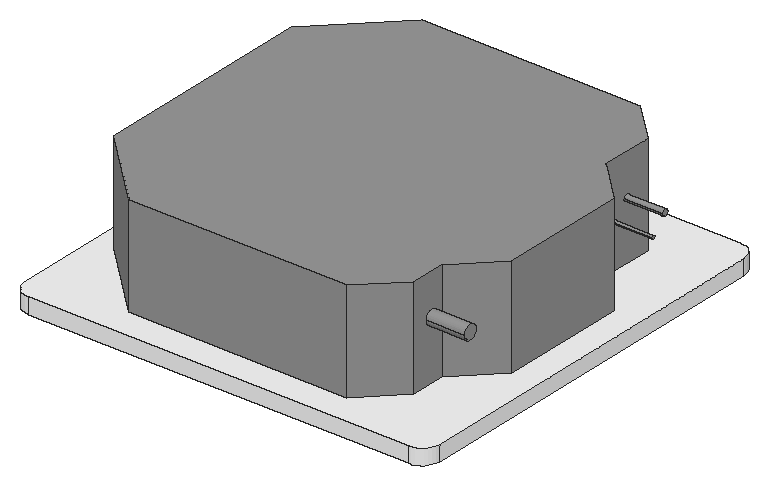
Revit family "Midea_VRF_Indoor_4-way Cassette_MI-28(36,45)Q4_DHN1-D (2nd DC)-360°", category Equipamento mecânico, Revit 2019
Family settings
  Cota do conector redondo = Utilizar diâmetro
  Tipo de parte = Normal
  Número OmniClass = 23.75.00.00
  Título OmniClass = Climate Control (HVAC)
  Com base no plano de trabalho = Não
  Sempre na vertical = Sim
  Corte com vazios quando carregada = Não
  Compartilhado = Não
  Ponto de cálculo do ambiente = Não
Parameters (values of type "4TVC0015EF000AA")
  clearance access right = 1000.000 mm
  clearance access left = 1000.000 mm
  clearance access front = 1000.000 mm
  clearance access behind = 1000.000 mm
  clearance [instance] = no
  Width = 840.000 mm
  URL = "https://www.trane.com/commercial/latin-america/br/pt.html"
  Series = "Ultra"
  Power supply = "220-240V ~50/60Hz"
  Panel color = "S1004"
  Modelo = "4TVC0015EF000AA"
  Minimum Circuit Amps = 0.56 A
  Maximum Fuse Amps = 15 A
  Fabricante = "Trane"
  Machine material = grilles：ABS/HIPS
  Liquid pipe = 6.350 mm
  Installation = "Indoor installation"
  Height = 230.000 mm
  Heating Power Input = 31 W
  Heating Capacity = 5.00 kW
  Gross Weight = 23.20 kg
  Gas pipe = 12.700 mm
  Gas = "R410a"
  Drain pipe = 32.000 mm
  Descrição = "High efficiency air cooled"
  Depth = 840.000 mm
  Cooling Power Input = 31 W
  Cooling Capacity = 4.50 kW
  Condensation = "air"
  Air Flow = "1029/957/899/857/801/756/704 m3/h"
Types (4, lengths in mm): name | Modelo | Minimum Circuit Amps | Heating Power Input | Heating Capacity | Gross Weight | Cooling Power Input | Cooling Capacity | Air Flow
  (no name) | "4TVC0015EF000AA" | 0.56 A | 31 W | 5.00 kW | 23.20 kg | 31 W | 4.50 kW | "1029/957/899/857/801/756/704 m3/h"
  4TVC0009EF000AA | "4TVC0009EF000AA" | 0.41 A | 25 W | 3.20 kW | 21.30 kg | 25 W | 2.80 kW | "982/935/877/832/788/732/677 m3/h"
  4TVC0012EF000AA | "4TVC0012EF000AA" | 0.41 A | 25 W | 4.00 kW | 21.30 kg | 25 W | 3.60 kW | "982/935/877/832/788/732/677 m3/h"
  4TVC0015EF000AA | "4TVC0015EF000AA" | 0.56 A | 31 W | 5.00 kW | 23.20 kg | 31 W | 4.50 kW | "1029/957/899/857/801/756/704 m3/h"
Reference planes
  plane 1 "中心(前/后)": y = 0
  plane 2: z = 0
  plane 3 "中心(左/右)": x = 0
  plane 4: z = -102.103
  plane 5 "floor": z = 2546.088
Forms (mm)
  Extrusion 1, solid, material "grilles：ABS/HIPS" <- "Machine material", detail levels medium+fine
    sketch origin (0, 0, 64.412) x (-1, 0, 0) y (0, 1, 0)
      loop
        line (-250, 420) -> (-335, 335) -> (-335, 215) -> (-425, 125) -> (-425, -165) -> (-335, -255) -> (-335, -335) -> (-250, -420) -> (250, -420) -> (415, -255) -> (415, 255) -> (250, 420) -> (-250, 420)
    from -211.588 to 18.412
  Extrusion 2, solid, material "grilles：ABS/HIPS" <- "Machine material", detail levels fine
    sketch origin (0, 519.376, 250) x (0, 1, 0) y (0, 0, 1)
      loop
        circle (-279.968, -103.155) r 3.175
    from 335 to 425
  Extrusion 3, solid, material "grilles：ABS/HIPS" <- "Machine material", detail levels fine
    sketch origin (335, -225, 64.412) x (0, -1, 0) y (0, 0, -1)
      loop
        circle (60, -117.897) r 16
    from 0 to 90
  Extrusion 4, solid, material "grilles：ABS/HIPS" <- "Machine material", detail levels fine
    sketch origin (335, 925, 64.412) x (0, -1, 0) y (0, 0, -1)
      loop
        circle (651.789, -117.897) r 6.35
    from 0 to 90
Lines and regions (mm)
  model lines
    curve 1: line (425, -165, 46) -> (425, 125, 46)
    curve 2: line (425, 125, 46) -> (335, 215, 46)
    curve 3: line (335, 215, 46) -> (335, 335, 46)
    curve 4: line (335, 335, 46) -> (250, 420, 46)
    curve 5: line (250, 420, 46) -> (-250, 420, 46)
    curve 6: line (-250, 420, 46) -> (-415, 255, 46)
    curve 7: line (-415, 255, 46) -> (-415, -255, 46)
    curve 8: line (-415, -255, 46) -> (-250, -420, 46)
    curve 9: line (-250, -420, 46) -> (250, -420, 46)
    curve 10: line (250, -420, 46) -> (335, -335, 46)
    curve 11: line (335, -335, 46) -> (335, -255, 46)
    curve 12: line (335, -255, 46) -> (425, -165, 46)
    curve 13: line (425, -165, 276) -> (425, -165, 46)
    curve 14: line (425, 125, 276) -> (425, 125, 46)
    curve 15: line (335, 215, 276) -> (335, 215, 46)
    curve 16: line (335, 335, 276) -> (335, 335, 46)
    curve 17: line (-250, 420, 276) -> (-250, 420, 46)
    curve 18: line (-415, 255, 276) -> (-415, 255, 46)
    curve 19: line (-415, -255, 276) -> (-415, -255, 46)
    curve 20: line (-250, -420, 276) -> (-250, -420, 46)
    curve 21: line (250, -420, 276) -> (250, -420, 46)
    curve 22: line (425, 125, 276) -> (425, -165, 276)
    curve 23: line (425, -165, 276) -> (335, -255, 276)
    curve 24: line (335, -255, 276) -> (335, -335, 276)
    curve 25: line (335, -335, 276) -> (250, -420, 276)
    curve 26: line (250, -420, 276) -> (-250, -420, 276)
    curve 27: line (-250, -420, 276) -> (-415, -255, 276)
    curve 28: line (-415, -255, 276) -> (-415, 255, 276)
    curve 29: line (-415, 255, 276) -> (-250, 420, 276)
    curve 30: line (-250, 420, 276) -> (250, 420, 276)
    curve 31: line (250, 420, 276) -> (335, 335, 276)
    curve 32: line (335, 335, 276) -> (335, 215, 276)
    curve 33: line (335, 215, 276) -> (425, 125, 276)
    curve 34: line (335, -335, 276) -> (335, -335, 46)
    curve 35: line (250, 420, 276) -> (250, 420, 46)
    curve 36: line (335, -255, 276) -> (335, -255, 46)
Dimensions and locks
  "Depth": Extrusion 1 to Extrusion 1
  "Width": Extrusion 1 to Extrusion 1
  "Height": Extrusion 1 to Extrusion 1
  "Liquid pipe": diameter of Extrusion 2
  "Gas pipe": diameter of Extrusion 4
  aligned and locked: level to plane 2
Automatic sketch dimensions
  plane 1 "中心(前/后)" to Extrusion 1 sketch curve = 165.000 mm
  plane 3 "中心(左/右)" to Extrusion 1 sketch curve = 425.000 mm
  Extrusion 1 sketch curve to plane 3 "中心(左/右)" = 250.000 mm  (x2)
  Extrusion 1 sketch curve to plane 1 "中心(前/后)" = 420.000 mm
  Extrusion 1 sketch curve to Extrusion 1 sketch curve = 90.000 mm  (x3)
  Extrusion 1 sketch curve to Extrusion 1 sketch curve = 85.000 mm  (x3)
  Extrusion 1 sketch curve to Extrusion 1 sketch curve = 165.000 mm  (x2)
  Extrusion 1 sketch curve to plane 1 "中心(前/后)" = 255.000 mm
  Extrusion 1 sketch curve to Extrusion 1 sketch curve = 120.000 mm
  Extrusion 1 sketch curve to plane 1 "中心(前/后)" = 125.000 mm
  plane 1 "中心(前/后)" to Extrusion 1 sketch curve = 255.000 mm
  Extrusion 1 sketch curve to Extrusion 1 sketch curve = 80.000 mm
  Extrusion 2 sketch curve to plane 1 "中心(前/后)" = 239.408 mm
  level to Extrusion 2 sketch curve = 146.845 mm
  Extrusion 1 to Extrusion 3 sketch curve = 93.691 mm
  Extrusion 1 to Extrusion 3 sketch curve = 500.000 mm
  Extrusion 4 sketch curve to Extrusion 1 = 58.211 mm
  Extrusion 1 to Extrusion 4 sketch curve = 93.691 mm
  curve 1 to Extrusion 1 = 0.000 mm  (x2)
  curve 3 to Extrusion 1 = 0.000 mm
  curve 11 to Extrusion 1 = 0.000 mm
  curve 10 to Extrusion 1 = 0.000 mm  (x3)
  Extrusion 1 to curve 5 = 0.000 mm
  curve 5 to Extrusion 1 = 0.000 mm
  curve 6 to Extrusion 1 = 0.000 mm  (x2)
  curve 8 to Extrusion 1 = 0.000 mm  (x2)
  Extrusion 1 to curve 3 = 0.000 mm
  curve 7 to Extrusion 1 = 0.000 mm
  curve 2 to Extrusion 1 = 0.000 mm
  Extrusion 1 to curve 1 = 0.000 mm
  curve 12 to Extrusion 1 = 0.000 mm
  curve 13 to Extrusion 1 = 0.000 mm  (x3)
  curve 14 to Extrusion 1 = 0.000 mm  (x2)
  Extrusion 1 to curve 14 = 0.000 mm
  curve 16 to Extrusion 1 = 0.000 mm  (x2)
  curve 15 to Extrusion 1 = 0.000 mm  (x3)
  Extrusion 1 to curve 16 = 0.000 mm
  curve 35 to Extrusion 1 = 0.000 mm  (x3)
  curve 17 to Extrusion 1 = 0.000 mm  (x3)
  curve 19 to Extrusion 1 = 0.000 mm  (x2)
  curve 18 to Extrusion 1 = 0.000 mm  (x3)
  Extrusion 1 to curve 19 = 0.000 mm
  curve 21 to Extrusion 1 = 0.000 mm  (x3)
  curve 20 to Extrusion 1 = 0.000 mm  (x2)
  Extrusion 1 to curve 20 = 0.000 mm
  curve 22 to Extrusion 1 = 0.000 mm  (x2)
  curve 24 to Extrusion 1 = 0.000 mm
  curve 32 to Extrusion 1 = 0.000 mm
  Extrusion 1 to curve 26 = 0.000 mm  (x2)
  curve 26 to Extrusion 1 = 0.000 mm
  curve 31 to Extrusion 1 = 0.000 mm  (x3)
  curve 29 to Extrusion 1 = 0.000 mm
  curve 27 to Extrusion 1 = 0.000 mm  (x2)
  curve 28 to Extrusion 1 = 0.000 mm
  curve 33 to Extrusion 1 = 0.000 mm
  Extrusion 1 to curve 22 = 0.000 mm
  curve 23 to Extrusion 1 = 0.000 mm
  Extrusion 1 to curve 24 = 0.000 mm
  curve 34 to Extrusion 1 = 0.000 mm  (x3)
  curve 36 to Extrusion 1 = 0.000 mm  (x2)
  Extrusion 1 to curve 36 = 0.000 mm
  radius of Extrusion 2 sketch curve = 3.175 mm
  radius of Extrusion 3 sketch curve = 16.000 mm
  radius of Extrusion 4 sketch curve = 6.350 mm
Nested families
  nested 1: "360lengbamianban-950" at (0, 0, 0), type "360lengbamianban-950", detail levels medium+fine
Connectors
  piping at (425, -285, 182.309), diameter 32
    settings: on Extrusion 3, index 5, connector inside diameter 32 mm, connector length 0.000 mm, flow factor 0, pipe flow 0.0 m³/h, pressure drop 0.0 Pa, fitting loss kfactor 0, connector angle 0.00°, fixture units 0, engagement length 0.000 mm, angle of deflection 0.00°, flow configuration 1, flow direction 2, fitting loss method 0, system type 29, joint type 0, gender type 0, connector reference index -1, connector utility 0, adjustable connector no, is connector primary yes, connector description "Drain pipe OD Φ 32mm"
  piping at (425, 273.211, 182.309), diameter 12.7
    settings: on Extrusion 4, index 6, connector inside diameter 12.7 mm, connector length 0.000 mm, flow factor 0, pipe flow 0.0 m³/h, pressure drop 0.0 Pa, fitting loss kfactor 0, connector angle 0.00°, fixture units 0, engagement length 0.000 mm, angle of deflection 0.00°, flow configuration 1, flow direction 0, fitting loss method 4, system type 22, joint type 0, gender type 0, connector reference index -1, connector utility 0, adjustable connector no, is connector primary no, connector description "Gas pipe Φ12.7mm"
  piping at (425, 239.408, 146.845), diameter 6.35
    settings: on Extrusion 2, index 7, connector inside diameter 6.35 mm, connector length 0.000 mm, flow factor 0, pipe flow 0.0 m³/h, pressure drop 0.0 Pa, fitting loss kfactor 0, connector angle 0.00°, fixture units 0, engagement length 0.000 mm, angle of deflection 0.00°, flow configuration 1, flow direction 0, fitting loss method 4, system type 22, joint type 0, gender type 0, connector reference index -1, connector utility 0, adjustable connector no, is connector primary no, connector description "Liquid pipe Φ6.35mm"
  electrical at (0, 420, 161)
    settings: on Extrusion 1, index 8, voltage 220 V, apparent load 0 VA, apparent load phase1 0 VA, apparent load phase2 0 VA, apparent load phase3 0 VA, power factor 1, load classification "Power", number of poles 1, system type 30, power factor state 1, is connector primary yes, connector utility no, sub classification motor no, connector description "The location of electrical connectors is not the same as the actual location because the wiring terminal is inside the unit."
Definition of nested family "360lengbamianban-950"
  Parameters
    Series = ""
    Machine material = none
    Installation = ""
    Gas = ""
    Condensation = ""
  Reference planes
    plane 1 "Center (Front/Back)": y = 0
    plane 2: z = 0
    plane 3 "Center (Left/Right)": x = 0
    plane 4: y = 475
    plane 5: y = -475
    plane 6: x = -475
    plane 7: x = 475
    plane 8: through (323.5, 323.5, 1219.2) normal (0.7071, -0.7071, 0)
    plane 9: through (-323.5, 323.5, 1219.2) normal (0.7071, 0.7071, 0)
    plane 10: y = 300
    plane 11: x = 300
    plane 12: x = -300
    plane 13: y = -300
    plane 14: z = -15
    plane 15: z = 35
    plane 16: y = -330
    plane 17: y = 330
    plane 18: x = 330
    plane 19: x = -330
  Forms (mm)
    Extrusion 1, solid, material <- "Machine material"
      sketch origin (0, 0, 0) x (1, 0, 0) y (0, 1, 0)
        loop
          arc (-435, 475) -> (-463.284, 463.284) -> (-475, 435) r 40
          line (-475, 435) -> (-475, -435)
          arc (-475, -435) -> (-463.284, -463.284) -> (-435, -475) r 40
          line (-435, -475) -> (435, -475)
          arc (435, -475) -> (463.284, -463.284) -> (475, -435) r 40
          line (475, -435) -> (475, 435)
          arc (475, 435) -> (463.284, 463.284) -> (435, 475) r 40
          line (435, 475) -> (-435, 475)
      from 0 to 35
    Extrusion 2, void
      sketch origin (0, 0, 0) x (1, 0, 0) y (0, 1, 0)
        loop
          arc (-130, 250) -> (-214.853, 214.853) -> (-250, 130) r 120
          line (-250, 130) -> (-250, -130)
          arc (-250, -130) -> (-214.853, -214.853) -> (-130, -250) r 120
          line (-130, -250) -> (130, -250)
          arc (130, -250) -> (214.853, -214.853) -> (250, -130) r 120
          line (250, -130) -> (250, 130)
          arc (250, 130) -> (214.853, 214.853) -> (130, 250) r 120
          line (130, 250) -> (-130, 250)
      from 0 to 35
    Extrusion 3, solid
      sketch origin (0, 0, 0) x (1, 0, 0) y (0, 1, 0)
        loop
          line (-256.77, -244.014) -> (-256.77, -247.014) -> (256.177, -247.014) -> (256.177, -244.014) -> (-256.77, -244.014)
        loop
          line (-256.77, -239.014) -> (-256.77, -242.014) -> (256.177, -242.014) -> (256.177, -239.014) -> (-256.77, -239.014)
        loop
          line (-256.77, -234.014) -> (-256.77, -237.014) -> (256.177, -237.014) -> (256.177, -234.014) -> (-256.77, -234.014)
        loop
          line (-256.77, -229.014) -> (-256.77, -232.014) -> (256.177, -232.014) -> (256.177, -229.014) -> (-256.77, -229.014)
        loop
          line (-256.77, -224.014) -> (-256.77, -227.014) -> (256.177, -227.014) -> (256.177, -224.014) -> (-256.77, -224.014)
        loop
          line (-256.77, -219.014) -> (-256.77, -222.014) -> (256.177, -222.014) -> (256.177, -219.014) -> (-256.77, -219.014)
        loop
          line (-256.77, -214.014) -> (-256.77, -217.014) -> (256.177, -217.014) -> (256.177, -214.014) -> (-256.77, -214.014)
        loop
          line (-256.77, -209.014) -> (-256.77, -212.014) -> (256.177, -212.014) -> (256.177, -209.014) -> (-256.77, -209.014)
        loop
          line (-256.77, -204.014) -> (-256.77, -207.014) -> (256.177, -207.014) -> (256.177, -204.014) -> (-256.77, -204.014)
        loop
          line (-256.77, -199.014) -> (-256.77, -202.014) -> (256.177, -202.014) -> (256.177, -199.014) -> (-256.77, -199.014)
        loop
          line (-256.77, -194.014) -> (-256.77, -197.014) -> (256.177, -197.014) -> (256.177, -194.014) -> (-256.77, -194.014)
        loop
          line (-256.77, -189.014) -> (-256.77, -192.014) -> (256.177, -192.014) -> (256.177, -189.014) -> (-256.77, -189.014)
        loop
          line (-256.77, -184.014) -> (-256.77, -187.014) -> (256.177, -187.014) -> (256.177, -184.014) -> (-256.77, -184.014)
        loop
          line (-256.77, -179.014) -> (-256.77, -182.014) -> (256.177, -182.014) -> (256.177, -179.014) -> (-256.77, -179.014)
        loop
          line (-256.77, -174.014) -> (-256.77, -177.014) -> (256.177, -177.014) -> (256.177, -174.014) -> (-256.77, -174.014)
        loop
          line (-256.77, -169.014) -> (-256.77, -172.014) -> (256.177, -172.014) -> (256.177, -169.014) -> (-256.77, -169.014)
        loop
          line (-256.77, -164.014) -> (-256.77, -167.014) -> (256.177, -167.014) -> (256.177, -164.014) -> (-256.77, -164.014)
        loop
          line (-256.77, -159.014) -> (-256.77, -162.014) -> (256.177, -162.014) -> (256.177, -159.014) -> (-256.77, -159.014)
        loop
          line (-256.77, -154.014) -> (-256.77, -157.014) -> (256.177, -157.014) -> (256.177, -154.014) -> (-256.77, -154.014)
        loop
          line (-256.77, -149.014) -> (-256.77, -152.014) -> (256.177, -152.014) -> (256.177, -149.014) -> (-256.77, -149.014)
        loop
          line (-256.77, -144.014) -> (-256.77, -147.014) -> (256.177, -147.014) -> (256.177, -144.014) -> (-256.77, -144.014)
        loop
          line (-256.77, -139.014) -> (-256.77, -142.014) -> (256.177, -142.014) -> (256.177, -139.014) -> (-256.77, -139.014)
        loop
          line (-256.77, -134.014) -> (-256.77, -137.014) -> (256.177, -137.014) -> (256.177, -134.014) -> (-256.77, -134.014)
        loop
          line (-256.77, -129.014) -> (-256.77, -132.014) -> (256.177, -132.014) -> (256.177, -129.014) -> (-256.77, -129.014)
        loop
          line (-256.77, -124.014) -> (-256.77, -127.014) -> (256.177, -127.014) -> (256.177, -124.014) -> (-256.77, -124.014)
        loop
          line (-256.77, -119.014) -> (-256.77, -122.014) -> (256.177, -122.014) -> (256.177, -119.014) -> (-256.77, -119.014)
        loop
          line (-256.77, -114.014) -> (-256.77, -117.014) -> (256.177, -117.014) -> (256.177, -114.014) -> (-256.77, -114.014)
        loop
          line (-256.77, -109.014) -> (-256.77, -112.014) -> (256.177, -112.014) -> (256.177, -109.014) -> (-256.77, -109.014)
        loop
          line (-256.77, -104.014) -> (-256.77, -107.014) -> (256.177, -107.014) -> (256.177, -104.014) -> (-256.77, -104.014)
        loop
          line (-256.77, -99.014) -> (-256.77, -102.014) -> (256.177, -102.014) -> (256.177, -99.014) -> (-256.77, -99.014)
        loop
          line (-256.77, -94.014) -> (-256.77, -97.014) -> (256.177, -97.014) -> (256.177, -94.014) -> (-256.77, -94.014)
        loop
          line (-256.77, -89.014) -> (-256.77, -92.014) -> (256.177, -92.014) -> (256.177, -89.014) -> (-256.77, -89.014)
        loop
          line (-256.77, -84.014) -> (-256.77, -87.014) -> (256.177, -87.014) -> (256.177, -84.014) -> (-256.77, -84.014)
        loop
          line (-256.77, -79.014) -> (-256.77, -82.014) -> (256.177, -82.014) -> (256.177, -79.014) -> (-256.77, -79.014)
        loop
          line (-256.77, -74.014) -> (-256.77, -77.014) -> (256.177, -77.014) -> (256.177, -74.014) -> (-256.77, -74.014)
        loop
          line (-256.77, -69.014) -> (-256.77, -72.014) -> (256.177, -72.014) -> (256.177, -69.014) -> (-256.77, -69.014)
        loop
          line (-256.77, -64.014) -> (-256.77, -67.014) -> (256.177, -67.014) -> (256.177, -64.014) -> (-256.77, -64.014)
        loop
          line (-256.77, -59.014) -> (-256.77, -62.014) -> (256.177, -62.014) -> (256.177, -59.014) -> (-256.77, -59.014)
        loop
          line (-256.77, -54.014) -> (-256.77, -57.014) -> (256.177, -57.014) -> (256.177, -54.014) -> (-256.77, -54.014)
        loop
          line (-256.77, -49.014) -> (-256.77, -52.014) -> (256.177, -52.014) -> (256.177, -49.014) -> (-256.77, -49.014)
        loop
          line (-256.77, -44.014) -> (-256.77, -47.014) -> (256.177, -47.014) -> (256.177, -44.014) -> (-256.77, -44.014)
        loop
          line (-256.77, -39.014) -> (-256.77, -42.014) -> (256.177, -42.014) -> (256.177, -39.014) -> (-256.77, -39.014)
        loop
          line (-256.77, -34.014) -> (-256.77, -37.014) -> (256.177, -37.014) -> (256.177, -34.014) -> (-256.77, -34.014)
        loop
          line (-256.77, -29.014) -> (-256.77, -32.014) -> (256.177, -32.014) -> (256.177, -29.014) -> (-256.77, -29.014)
        loop
          line (-256.77, -24.014) -> (-256.77, -27.014) -> (256.177, -27.014) -> (256.177, -24.014) -> (-256.77, -24.014)
        loop
          line (-256.77, -19.014) -> (-256.77, -22.014) -> (256.177, -22.014) -> (256.177, -19.014) -> (-256.77, -19.014)
        loop
          line (-256.77, -14.014) -> (-256.77, -17.014) -> (256.177, -17.014) -> (256.177, -14.014) -> (-256.77, -14.014)
        loop
          line (-256.77, -9.014) -> (-256.77, -12.014) -> (256.177, -12.014) -> (256.177, -9.014) -> (-256.77, -9.014)
        loop
          line (-256.77, -4.014) -> (-256.77, -7.014) -> (256.177, -7.014) -> (256.177, -4.014) -> (-256.77, -4.014)
        loop
          line (-256.77, 0.986) -> (-256.77, -2.014) -> (256.177, -2.014) -> (256.177, 0.986) -> (-256.77, 0.986)
        loop
          line (-256.77, 5.986) -> (-256.77, 2.986) -> (256.177, 2.986) -> (256.177, 5.986) -> (-256.77, 5.986)
        loop
          line (-256.77, 10.986) -> (-256.77, 7.986) -> (256.177, 7.986) -> (256.177, 10.986) -> (-256.77, 10.986)
        loop
          line (-256.77, 15.986) -> (-256.77, 12.986) -> (256.177, 12.986) -> (256.177, 15.986) -> (-256.77, 15.986)
        loop
          line (-256.77, 20.986) -> (-256.77, 17.986) -> (256.177, 17.986) -> (256.177, 20.986) -> (-256.77, 20.986)
        loop
          line (-256.77, 25.986) -> (-256.77, 22.986) -> (256.177, 22.986) -> (256.177, 25.986) -> (-256.77, 25.986)
        loop
          line (-256.77, 30.986) -> (-256.77, 27.986) -> (256.177, 27.986) -> (256.177, 30.986) -> (-256.77, 30.986)
        loop
          line (-256.77, 35.986) -> (-256.77, 32.986) -> (256.177, 32.986) -> (256.177, 35.986) -> (-256.77, 35.986)
        loop
          line (-256.77, 40.986) -> (-256.77, 37.986) -> (256.177, 37.986) -> (256.177, 40.986) -> (-256.77, 40.986)
        loop
          line (-256.77, 45.986) -> (-256.77, 42.986) -> (256.177, 42.986) -> (256.177, 45.986) -> (-256.77, 45.986)
        loop
          line (-256.77, 50.986) -> (-256.77, 47.986) -> (256.177, 47.986) -> (256.177, 50.986) -> (-256.77, 50.986)
        loop
          line (-256.77, 55.986) -> (-256.77, 52.986) -> (256.177, 52.986) -> (256.177, 55.986) -> (-256.77, 55.986)
        loop
          line (-256.77, 60.986) -> (-256.77, 57.986) -> (256.177, 57.986) -> (256.177, 60.986) -> (-256.77, 60.986)
        loop
          line (-256.77, 65.986) -> (-256.77, 62.986) -> (256.177, 62.986) -> (256.177, 65.986) -> (-256.77, 65.986)
        loop
          line (-256.77, 70.986) -> (-256.77, 67.986) -> (256.177, 67.986) -> (256.177, 70.986) -> (-256.77, 70.986)
        loop
          line (-256.77, 75.986) -> (-256.77, 72.986) -> (256.177, 72.986) -> (256.177, 75.986) -> (-256.77, 75.986)
        loop
          line (-256.77, 80.986) -> (-256.77, 77.986) -> (256.177, 77.986) -> (256.177, 80.986) -> (-256.77, 80.986)
        loop
          line (-256.77, 85.986) -> (-256.77, 82.986) -> (256.177, 82.986) -> (256.177, 85.986) -> (-256.77, 85.986)
        loop
          line (-256.77, 90.986) -> (-256.77, 87.986) -> (256.177, 87.986) -> (256.177, 90.986) -> (-256.77, 90.986)
        loop
          line (-256.77, 95.986) -> (-256.77, 92.986) -> (256.177, 92.986) -> (256.177, 95.986) -> (-256.77, 95.986)
        loop
          line (-256.77, 100.986) -> (-256.77, 97.986) -> (256.177, 97.986) -> (256.177, 100.986) -> (-256.77, 100.986)
        loop
          line (-256.77, 105.986) -> (-256.77, 102.986) -> (256.177, 102.986) -> (256.177, 105.986) -> (-256.77, 105.986)
        loop
          line (-256.77, 110.986) -> (-256.77, 107.986) -> (256.177, 107.986) -> (256.177, 110.986) -> (-256.77, 110.986)
        loop
          line (-256.77, 115.986) -> (-256.77, 112.986) -> (256.177, 112.986) -> (256.177, 115.986) -> (-256.77, 115.986)
        loop
          line (-256.77, 120.986) -> (-256.77, 117.986) -> (256.177, 117.986) -> (256.177, 120.986) -> (-256.77, 120.986)
        loop
          line (-256.77, 125.986) -> (-256.77, 122.986) -> (256.177, 122.986) -> (256.177, 125.986) -> (-256.77, 125.986)
        loop
          line (-256.77, 130.986) -> (-256.77, 127.986) -> (256.177, 127.986) -> (256.177, 130.986) -> (-256.77, 130.986)
        loop
          line (-256.77, 135.986) -> (-256.77, 132.986) -> (256.177, 132.986) -> (256.177, 135.986) -> (-256.77, 135.986)
        loop
          line (-256.77, 140.986) -> (-256.77, 137.986) -> (256.177, 137.986) -> (256.177, 140.986) -> (-256.77, 140.986)
        loop
          line (-256.77, 145.986) -> (-256.77, 142.986) -> (256.177, 142.986) -> (256.177, 145.986) -> (-256.77, 145.986)
        loop
          line (-256.77, 150.986) -> (-256.77, 147.986) -> (256.177, 147.986) -> (256.177, 150.986) -> (-256.77, 150.986)
        loop
          line (-256.77, 155.986) -> (-256.77, 152.986) -> (256.177, 152.986) -> (256.177, 155.986) -> (-256.77, 155.986)
        loop
          line (-256.77, 160.986) -> (-256.77, 157.986) -> (256.177, 157.986) -> (256.177, 160.986) -> (-256.77, 160.986)
        loop
          line (-256.77, 165.986) -> (-256.77, 162.986) -> (256.177, 162.986) -> (256.177, 165.986) -> (-256.77, 165.986)
        loop
          line (-256.77, 170.986) -> (-256.77, 167.986) -> (256.177, 167.986) -> (256.177, 170.986) -> (-256.77, 170.986)
        loop
          line (-256.77, 175.986) -> (-256.77, 172.986) -> (256.177, 172.986) -> (256.177, 175.986) -> (-256.77, 175.986)
        loop
          line (-256.77, 180.986) -> (-256.77, 177.986) -> (256.177, 177.986) -> (256.177, 180.986) -> (-256.77, 180.986)
        loop
          line (-256.77, 185.986) -> (-256.77, 182.986) -> (256.177, 182.986) -> (256.177, 185.986) -> (-256.77, 185.986)
        loop
          line (-256.77, 190.986) -> (-256.77, 187.986) -> (256.177, 187.986) -> (256.177, 190.986) -> (-256.77, 190.986)
        loop
          line (-256.77, 195.986) -> (-256.77, 192.986) -> (256.177, 192.986) -> (256.177, 195.986) -> (-256.77, 195.986)
        loop
          line (-256.77, 200.986) -> (-256.77, 197.986) -> (256.177, 197.986) -> (256.177, 200.986) -> (-256.77, 200.986)
        loop
          line (-256.77, 205.986) -> (-256.77, 202.986) -> (256.177, 202.986) -> (256.177, 205.986) -> (-256.77, 205.986)
        loop
          line (-256.77, 210.986) -> (-256.77, 207.986) -> (256.177, 207.986) -> (256.177, 210.986) -> (-256.77, 210.986)
        loop
          line (-256.77, 215.986) -> (-256.77, 212.986) -> (256.177, 212.986) -> (256.177, 215.986) -> (-256.77, 215.986)
        loop
          line (-256.77, 220.986) -> (-256.77, 217.986) -> (256.177, 217.986) -> (256.177, 220.986) -> (-256.77, 220.986)
        loop
          line (-256.77, 225.986) -> (-256.77, 222.986) -> (256.177, 222.986) -> (256.177, 225.986) -> (-256.77, 225.986)
        loop
          line (-256.77, 230.986) -> (-256.77, 227.986) -> (256.177, 227.986) -> (256.177, 230.986) -> (-256.77, 230.986)
        loop
          line (-256.77, 235.986) -> (-256.77, 232.986) -> (256.177, 232.986) -> (256.177, 235.986) -> (-256.77, 235.986)
        loop
          line (-256.77, 240.986) -> (-256.77, 237.986) -> (256.177, 237.986) -> (256.177, 240.986) -> (-256.77, 240.986)
        loop
          line (-256.77, 245.986) -> (-256.77, 242.986) -> (256.177, 242.986) -> (256.177, 245.986) -> (-256.77, 245.986)
      from 2.83 to 4.679
    Extrusion 4, void
      sketch origin (99.1, 0, 0) x (0, 1, 0) y (-1, 0, 0)
        loop
          arc (279.071, -305.241) -> (367.65, -268.55) -> (404.341, -179.971) r 125.27
          line (404.341, -179.971) -> (404.341, 378.171)
          arc (404.341, 378.171) -> (367.65, 466.75) -> (279.071, 503.441) r 125.27
          line (279.071, 503.441) -> (-279.071, 503.441)
          arc (-279.071, 503.441) -> (-367.65, 466.75) -> (-404.341, 378.171) r 125.27
          line (-404.341, 378.171) -> (-404.341, -179.971)
          arc (-404.341, -179.971) -> (-367.65, -268.55) -> (-279.071, -305.241) r 125.27
          line (-279.071, -305.241) -> (279.071, -305.241)
        loop
          line (-174.341, -295.241) -> (174.341, -295.241)
          arc (174.341, -295.241) -> (329.905, -230.805) -> (394.341, -75.241) r 220
          line (394.341, -75.241) -> (394.341, 273.441)
          arc (394.341, 273.441) -> (329.905, 429.005) -> (174.341, 493.441) r 220
          line (174.341, 493.441) -> (-174.341, 493.441)
          arc (-174.341, 493.441) -> (-329.905, 429.005) -> (-394.341, 273.441) r 220
          line (-394.341, 273.441) -> (-394.341, -75.241)
          arc (-394.341, -75.241) -> (-329.905, -230.805) -> (-174.341, -295.241) r 220
      from 0 to 25.378
    Extrusion 5, void
      sketch origin (12.53, 0, 0) x (1, 0, 0) y (0, 1, 0)
        loop
          line (329.341, 0) -> (329.341, 100)
          arc (329.341, 100) -> (338.358, 136.132) -> (363.295, 163.791) r 76.902
          line (363.295, 163.791) -> (381.811, 124.083) -> (381.811, 137.917) -> (366.182, 171.435)
          arc (366.182, 171.435) -> (335.571, 141.393) -> (324.341, 100) r 81.902
          line (324.341, 100) -> (324.341, 0) -> (324.341, -100)
          arc (324.341, -100) -> (335.571, -141.393) -> (366.182, -171.435) r 81.902
          line (366.182, -171.435) -> (381.811, -137.917) -> (381.811, -124.083) -> (363.295, -163.791)
          arc (363.295, -163.791) -> (338.358, -136.132) -> (329.341, -100) r 76.902
          line (329.341, -100) -> (329.341, 0)
      from 0 to 4.679
    Extrusion 6, void
      sketch origin (-12.53, 0, 0) x (-1, 0, 0) y (0, -1, 0)
        loop
          line (329.341, 0) -> (329.341, 100)
          arc (329.341, 100) -> (338.358, 136.132) -> (363.295, 163.791) r 76.902
          line (363.295, 163.791) -> (381.811, 124.083) -> (381.811, 137.917) -> (366.182, 171.435)
          arc (366.182, 171.435) -> (335.571, 141.393) -> (324.341, 100) r 81.902
          line (324.341, 100) -> (324.341, 0) -> (324.341, -100)
          arc (324.341, -100) -> (335.571, -141.393) -> (366.182, -171.435) r 81.902
          line (366.182, -171.435) -> (381.811, -137.917) -> (381.811, -124.083) -> (363.295, -163.791)
          arc (363.295, -163.791) -> (338.358, -136.132) -> (329.341, -100) r 76.902
          line (329.341, -100) -> (329.341, 0)
      from 0 to 4.679
    Extrusion 7, void
      sketch origin (0, 12.53, 0) x (0, 1, 0) y (-1, 0, 0)
        loop
          line (329.341, 0) -> (329.341, 100)
          arc (329.341, 100) -> (338.358, 136.132) -> (363.295, 163.791) r 76.902
          line (363.295, 163.791) -> (381.811, 124.083) -> (381.811, 137.917) -> (366.182, 171.435)
          arc (366.182, 171.435) -> (335.571, 141.393) -> (324.341, 100) r 81.902
          line (324.341, 100) -> (324.341, 0) -> (324.341, -100)
          arc (324.341, -100) -> (335.571, -141.393) -> (366.182, -171.435) r 81.902
          line (366.182, -171.435) -> (381.811, -137.917) -> (381.811, -124.083) -> (363.295, -163.791)
          arc (363.295, -163.791) -> (338.358, -136.132) -> (329.341, -100) r 76.902
          line (329.341, -100) -> (329.341, 0)
      from 0 to 4.679
    Extrusion 8, void
      sketch origin (0, -12.53, 0) x (0, -1, 0) y (1, 0, 0)
        loop
          line (329.341, 0) -> (329.341, 100)
          arc (329.341, 100) -> (338.358, 136.132) -> (363.295, 163.791) r 76.902
          line (363.295, 163.791) -> (381.811, 124.083) -> (381.811, 137.917) -> (366.182, 171.435)
          arc (366.182, 171.435) -> (335.571, 141.393) -> (324.341, 100) r 81.902
          line (324.341, 100) -> (324.341, 0) -> (324.341, -100)
          arc (324.341, -100) -> (335.571, -141.393) -> (366.182, -171.435) r 81.902
          line (366.182, -171.435) -> (381.811, -137.917) -> (381.811, -124.083) -> (363.295, -163.791)
          arc (363.295, -163.791) -> (338.358, -136.132) -> (329.341, -100) r 76.902
          line (329.341, -100) -> (329.341, 0)
      from 0 to 4.679
    Extrusion 9, solid, material <- "Machine material"
      sketch origin (0, 0, 0) x (1, 0, 0) y (0, 1, 0)
        loop
          circle (410.861, 412.599) r 25
      from -3 to 0
  Cuts and joins
    Extrusion 2, Extrusion 4, Extrusion 5, Extrusion 6, Extrusion 7, Extrusion 8 cuts Extrusion 1
  Dimensions and locks
    aligned and locked: level to plane 2
